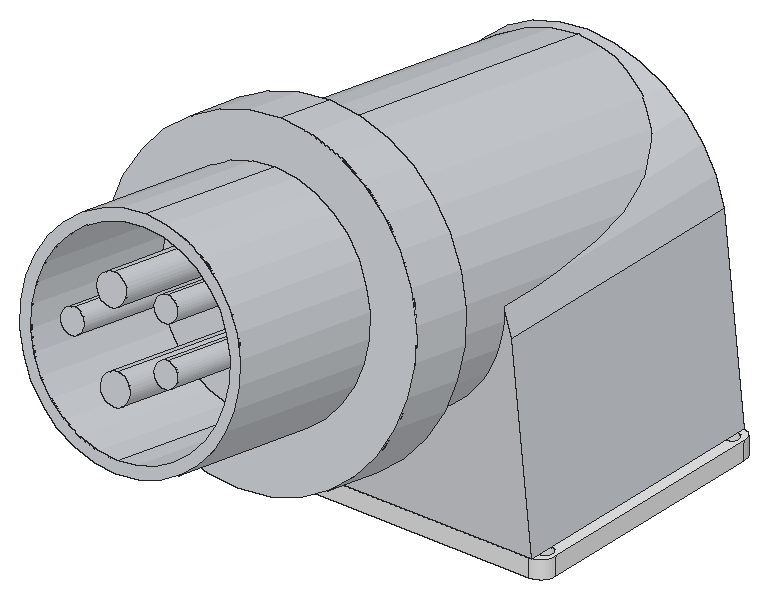
Revit family "Building-IEC309Connections-GEWISS-IEC309HP-90°_SURF_MOUNT_INLET_MANTLE_TERMINAL_63A_IP67", category Apparecchi elettrici, host Superficie, Revit 2019
Family settings
  Host = Superficie
  Mantenere orientamento annotazione = Sì
  Quota connettore circolare = Usa diametro
  Tipo di parte = Normale
  Taglio con vuoti quando caricato = No
  Condiviso = Sì
  Punto di calcolo locali = Sì
Parameters (values of type "GW61455 - IP67 90°APPL.INLET 3P+N+E 63A 500V 7H")
  simbolo acceso [instance] = yes
  distanza_simbolo [instance] = 1 mm
  distanza dal piano [instance] = 0 mm
  W = 115 mm  # constant formula
  Version file RFA = "21.11"
  URL = "https://www.gewiss.com/ww/en"
  Typology = "90° angled surface mounting inlet"
  Type of wiring = "Mantle terminal"
  Total number of operations = "-2000"
  Thermo-pressure with ball = "125 °C (active parts) - 80 °C (passive parts)"
  Terminal tightening capacity = "6-16mm² flexible cables - 6-25mm² rigid cables"
  Technical sheet = "https://www.gewiss.com/ww/en/search?q=GW61455"
  Spostamento_effettivo_S [instance] = 4000 mm - Spostamento_S  # 3057.5 mm
  Spostamento_S = 942.5 mm
  Shock resistance = "IK08"
  SPinotto = Default(2)
  SEO = "Inlet"
  Reference h = "7"
  Realized by GEWISS S.p.A. = ""
  Rated voltage = "480-500V"
  Rated current (A) = "63"
  Default Elevation = 1219.2 mm
  Produttore = "GEWISS S.p.A."
  Piastra = Default(2)
  Operating temperature: = "-25 +55 °C"
  No. of poles = "3P+N+E"
  Model = "GW61455"
  L = 155 mm  # constant formula
  Insulation resistance = "- 10 M?"
  Immagine tipo = (empty or 0)
  IP degree = "IP67"
  IDT = "82a7ef3b10a7427b96b9453f1507b938"
  IDF = "ee13cfcc-1e04-4df4-9438-550cea257c5c"
  Glow wire test: = "850 °C (active parts) - 650 °C (passive parts)"
  Frequency = "50/60 Hz"
  FORMULA = 1000 mm * 1  # 1000 mm
  Electrocod = "2231"
  Description = "IP67 90°APPL.INLET 3P+N+E 63A 500V 7H"
  Corpo centrale = Default(2)
  Colour: = "Black"
  Catalogue = "BUILDING"
  COBie.Tagnumber = ""
  COBie.CreatedOn = ""
  COBie.CreatebBy = ""
  COBie.ComponentRegisterItemID = ""
  COBie.Component.TagNumber = ""
  COBie.Component.Space = ""
  COBie.Component.SerialNumber = ""
  COBie.Component.InstallationDate = ""
  COBie.Component.Description = ""
  COBie.Component.BarCode = ""
  Breaking capacity at 1.1 Un = "79A"
  BLOCCO = "B=C"
Types (11, lengths in mm): name | Technical sheet | Reference h | Rated voltage | No. of poles | Model | IDT | Description | Colour:
  GW61445 - IP67 90°APPL.INLET 2P+E 63A 110V 4H | "https://www.gewiss.com/ww/en/search?q=GW61445" | "4" | "100-130V" | "2P+E" | "GW61445" | "a32419d427d74ea59914987959486f33" | "IP67 90°APPL.INLET 2P+E 63A 110V 4H" | "Yellow"
  GW61446 - IP67 90°APPL.INLET 3P+E 63A 110V 4H | "https://www.gewiss.com/ww/en/search?q=GW61446" | "4" | "100-130V" | "3P+E" | "GW61446" | "0e70241245704f0faf1d840d513a218f" | "IP67 90°APPL.INLET 3P+E 63A 110V 4H" | "Yellow"
  GW61447 - IP67 90°APPL.INLET 3P+N+E 63A 110V 4H | "https://www.gewiss.com/ww/en/search?q=GW61447" | "4" | "100-130V" | "3P+N+E" | "GW61447" | "fe109d717f164e58bbf2dbfa58eb0c37" | "IP67 90°APPL.INLET 3P+N+E 63A 110V 4H" | "Yellow"
  GW61448 - IP67 90°APPL.INLET 2P+E 63A 230V 6H | "https://www.gewiss.com/ww/en/search?q=GW61448" | "6" | "200-250V" | "2P+E" | "GW61448" | "ec7513ade6b14add9aaa22802ebe7912" | "IP67 90°APPL.INLET 2P+E 63A 230V 6H" | "Blue"
  GW61449 - IP67 90°APPL.INLET 3P+E 63A 230V 9H | "https://www.gewiss.com/ww/en/search?q=GW61449" | "9" | "200-250V" | "3P+E" | "GW61449" | "1bb27abc26304ebcab362531026dcb99" | "IP67 90°APPL.INLET 3P+E 63A 230V 9H" | "Blue"
  GW61450 - IP67 90°APPL.INLET 3P+N+E 63A 230V 9H | "https://www.gewiss.com/ww/en/search?q=GW61450" | "9" | "200-250V" | "3P+N+E" | "GW61450" | "85766c2eda3c488890f4e38cea2844cf" | "IP67 90°APPL.INLET 3P+N+E 63A 230V 9H" | "Blue"
  GW61451 - IP67 90°APPL.INLET 2P+E 63A 400V 9H | "https://www.gewiss.com/ww/en/search?q=GW61451" | "9" | "380-415V" | "2P+E" | "GW61451" | "b63088d1a14b4084b5365b728a9d6180" | "IP67 90°APPL.INLET 2P+E 63A 400V 9H" | "Red"
  GW61452 - IP67 90°APPL.INLET 3P+E 63A 400V 6H | "https://www.gewiss.com/ww/en/search?q=GW61452" | "6" | "380-415V" | "3P+E" | "GW61452" | "b016deb701214e3985ad608285c310c7" | "IP67 90°APPL.INLET 3P+E 63A 400V 6H" | "Red"
  GW61453 - IP67 90°APPL.INLET 3P+N+E 63A 400V 6H | "https://www.gewiss.com/ww/en/search?q=GW61453" | "6" | "380-415V" | "3P+N+E" | "GW61453" | "8f4b8114e79e49cfb710c66f71080669" | "IP67 90°APPL.INLET 3P+N+E 63A 400V 6H" | "Red"
  GW61454 - IP67 90°APPL.INLET 3P+E 63A 500V 7H | "https://www.gewiss.com/ww/en/search?q=GW61454" | "7" | "480-500V" | "3P+E" | "GW61454" | "105eb81afd3a44a6a8c106b9b659b229" | "IP67 90°APPL.INLET 3P+E 63A 500V 7H" | "Black"
  GW61455 - IP67 90°APPL.INLET 3P+N+E 63A 500V 7H | "https://www.gewiss.com/ww/en/search?q=GW61455" | "7" | "480-500V" | "3P+N+E" | "GW61455" | "82a7ef3b10a7427b96b9453f1507b938" | "IP67 90°APPL.INLET 3P+N+E 63A 500V 7H" | "Black"
Reference planes
  plane 1 "Centro (Fronte/Retro)": y = 0
  plane 2: z = 0
  plane 3 "Centro (Sinistra/Destra)": x = 0
  plane 4: x = -3000
  plane 5: x = 57.5
  plane 6: z = 0
Dimensions and locks
  plane 4 to plane 3 "Centro (Sinistra/Destra)" = 3000 mm
  "Spostamento_effettivo_S": plane 4 to plane 5
  "distanza dal piano": plane 6 to plane 2
  aligned and locked: plane 2 to host face
  aligned and locked: level to host face
  aligned and locked: plane 3 "Centro (Sinistra/Destra)" to nested 1
  aligned and locked: plane 1 "Centro (Fronte/Retro)" to nested 1
  aligned and locked: nested 2 to plane 5
Automatic sketch dimensions
  host sketch curve to host sketch curve = 2438.4 mm  (x2)
Nested families
  nested 1: "IEC309 SPINE FISSE PARETE 90° 63A IP67_base" at (0, 0, 0), type "IEC309 SPINE FISSE PARETE 90° 63A IP67_base"
  nested 2: "simbolo_circuito_GW60201" at (57.5, 171.559, 0), visible <- "simbolo acceso", Distanza dal muro <- "distanza_simbolo", type "3P"
    with SIMBOLO ACCESO yes, Distanza dal muro 1 mm
Connectors
  electrical at (37.5, 30, 0)
    settings: on nested 1, index 1, voltage 0 V, apparent load 0 VA, apparent load phase1 0 VA, apparent load phase2 0 VA, apparent load phase3 0 VA, power factor 1, load classification "Altro", number of poles 1, system type 31, power factor state 1, is connector primary yes, connector utility no, sub classification motor no, connector description ""
Definition of nested family "IEC309 SPINE FISSE PARETE 90° 63A IP67_base"
  Parameters (values of type "IEC309 SPINE FISSE PARETE 90° 63A IP67_base")
    sp_ghiera = 16 mm
    h = 90 mm
    dis_base = 71 mm
    Spinotto = none
    PIASTRA = none
    Lunghezza totale = 140 mm
    CENTRALE = none
    Bsae = 115 mm
  Reference planes
    plane 1 "Centro (Fronte/Retro)": y = 0
    plane 2: z = 0
    plane 3 "Centro (Sinistra/Destra)": x = 0
    plane 4 "EEE": through (4267.2, -291.041, 143.375) normal (0, -0.788, -0.6157)
    plane 5: x = 48
    plane 6: x = 115
    plane 7: y = 90
    plane 8: z = 6
    plane 9: y = 84.607
    plane 10: y = 5.392
    plane 11: x = 57.5
    plane 12: y = 45
    plane 13: through (4267.2, -43.825, 42.63) normal (0, 0.1727, 0.985)
    plane 14: x = 4.026
    plane 15: x = 110.974
    plane 16: z = 108.719
    plane 17 "zx": through (4267.2, -97.102, 134.757) normal (0, 0.1727, 0.985)
  Forms (mm)
    Extrusion 1, solid, material <- "PIASTRA"
      sketch origin (0, 0, 0) x (1, 0, 0) y (0, 1, 0)
        loop
          arc (5, 90) -> (1.464, 88.536) -> (0, 85) r 5
          line (0, 85) -> (0, 5)
          arc (0, 5) -> (1.464, 1.464) -> (5, 0) r 5
          line (5, 0) -> (110, 0)
          arc (110, 0) -> (113.536, 1.464) -> (115, 5) r 5
          line (115, 5) -> (115, 85)
          arc (115, 85) -> (113.536, 88.536) -> (110, 90) r 5
          line (110, 90) -> (5, 90)
      from 0 to 6
    Extrusion 2, void
      sketch origin (0, 0, 0) x (1, 0, 0) y (0, 1, 0)
        loop
          circle (4.026, 84.607) r 2.665
        loop
          circle (110.974, 84.607) r 2.602
        loop
          circle (110.974, 5.392) r 2.692
        loop
          circle (4.026, 5.392) r 2.603
      from 0 to 6
    Extrusion 3, solid
      sketch origin (0, 0, 0) x (1, 0, 0) y (0, 0, 1)
        loop
          line (4.026, 6) -> (110.974, 6) -> (104.18, 70.644)
          arc (104.18, 70.644) -> (57.5, 108.788) -> (10.82, 70.644) r 47.635
          line (10.82, 70.644) -> (4.026, 6)
      from -90 to 0
    Sweep 4, solid
      path origin (0, 0, 3.75) x (0, 1, 0) y (0, 0, 1)
        loop
          line (-28.85, 80.621) -> (79.498, 61.629)
      profile origin (0, 25.324, 74.875) x (0, 0.17265, 0.984983) y (1, 0, 0)
        loop
          circle (0, 57.5) r 44
    Sweep 5, solid
      path origin (0, 0, 0) x (0, 1, 0) y (0, 0, 1)
        loop
          line (-103.524, 98.116) -> (-48.98, 88.555)
      profile origin (0, -76.252, 93.336) x (0, 0.17265, 0.984983) y (1, 0, 0)
        loop
          circle (0, 57.5) r 37.2
        loop
          circle (0, 57.5) r 33.569
    Sweep 6, solid
      path origin (57.5, 0, -2.008) x (0, 1, 0) y (0, 0, 1)
        loop
          line (-48.98, 88.555) -> (-28.101, 84.896)
      profile origin (57.5, -38.54, 84.718) x (0, 0.17265, 0.984983) y (1, 0, 0)
        loop
          circle (0, 0) r 53
    Sweep 7, solid
      path origin (0, 0, -2.5) x (0, 1, 0) y (0, 0, 1)
        loop
          line (-103.677, 85.088) -> (-51.57, 75.955)
      profile origin (0, -77.624, 78.022) x (0, 0.17265, 0.984983) y (1, 0, 0)
        loop
          circle (0, 52.5) r 5
    Sweep 8, solid
      path origin (37.943, 0, 13.118) x (0, 1, 0) y (0, 0, -1)
        loop
          line (-103.677, -85.088) -> (-51.57, -75.955)
      profile origin (37.943, -77.624, 93.639) x (0, -0.17265, -0.984983) y (-1, 0, 0)
        loop
          circle (0, 0) r 4
    Sweep 9, solid
      path origin (0, 0, 27.5) x (0, 1, 0) y (0, 0, 1)
        loop
          line (-103.677, 85.088) -> (-51.57, 75.955)
      profile origin (0, -77.624, 108.022) x (0, 0.17265, 0.984983) y (1, 0, 0)
        loop
          circle (0, 51.25) r 5
    Sweep 10, solid
      path origin (69.664, 0, 27.909) x (0, 1, 0) y (0, 0, -1)
        loop
          line (-103.677, -85.088) -> (-51.57, -75.955)
      profile origin (69.664, -77.624, 108.431) x (0, -0.17265, -0.984983) y (-1, 0, 0)
        loop
          circle (0, 0) r 4
    Sweep 11, solid
      path origin (69.664, 0, 7.909) x (0, 1, 0) y (0, 0, -1)
        loop
          line (-103.677, -85.088) -> (-51.57, -75.955)
      profile origin (69.664, -77.624, 88.431) x (0, -0.17265, -0.984983) y (-1, 0, 0)
        loop
          circle (0, 0) r 4
  Cuts and joins
    Extrusion 2 cuts Extrusion 1
    joined: Extrusion 3, Sweep 4
    joined: Sweep 5, Sweep 6
  Lines and regions (mm)
    symbolic lines
      curve 1: line (305.256, 350.85, 0) -> (317.43, 350.85, 0)
      curve 2: line (0, -27.731, 87.005) -> (0, 10.147, 80.366)
  Dimensions and locks
    "Bsae": plane 3 "Centro (Sinistra/Destra)" to plane 6
    "h": plane 1 "Centro (Fronte/Retro)" to plane 7
    plane 8 to level = 6 mm
    locked: plane 1 "Centro (Fronte/Retro)" to plane 10 at 5.392
    equal spacing: plane 3 "Centro (Sinistra/Destra)", plane 11, plane 6
    locked: plane 7 to plane 9 at 5.393
    equal spacing: plane 1 "Centro (Fronte/Retro)", plane 12, plane 7
    locked: plane 8 to plane 2 at 6
    locked: plane 3 "Centro (Sinistra/Destra)" to plane 14 at 4.026
    locked: plane 15 to plane 6 at 4.026
    radius of Extrusion 1 sketch curve = 5 mm  (x4)
    aligned and locked: level to plane 2
    aligned and locked: Extrusion 1 to level
    aligned and locked: plane 8 to Extrusion 1
    aligned and locked: Extrusion 2 to level
    aligned and locked: plane 8 to Extrusion 2
    aligned and locked: plane 14 to Extrusion 2 sketch curve  (x2)
    aligned and locked: Extrusion 2 sketch curve to plane 15
    aligned and locked: plane 15 to Extrusion 2 sketch curve
    aligned and locked: plane 7 to Extrusion 3
  Automatic sketch dimensions
    plane 1 "Centro (Fronte/Retro)" to curve 2 = 27.731 mm
    plane 10 to curve 2 = 4.755 mm
    plane 16 to curve 2 = 28.353 mm
    plane 16 to curve 2 = 21.714 mm
    curve 1 to plane 6 = 190.256 mm
    plane 7 to curve 1 = 260.85 mm
    curve 1 to curve 1 = 12.174 mm
    Extrusion 1 sketch curve to plane 3 "Centro (Sinistra/Destra)" = 0 mm
    Extrusion 1 sketch curve to plane 7 = 0 mm
    plane 1 "Centro (Fronte/Retro)" to Extrusion 1 sketch curve = 0 mm
    Extrusion 1 sketch curve to plane 6 = 0 mm
    plane 10 to Extrusion 2 sketch curve = 0 mm
    Extrusion 2 sketch curve to plane 10 = 0 mm
    plane 9 to Extrusion 2 sketch curve = 0 mm
    Extrusion 2 sketch curve to plane 9 = 0 mm
    Extrusion 3 sketch curve to plane 8 = 0 mm
    Extrusion 3 sketch curve to plane 14 = 0 mm
    Extrusion 3 sketch curve to plane 11 = 0 mm
    plane 15 to Extrusion 3 sketch curve = 0 mm
    plane 14 to Extrusion 3 sketch curve = 6.794 mm
    plane 15 to Extrusion 3 sketch curve = 6.794 mm
    plane 16 to Extrusion 3 sketch curve = 47.565 mm
    plane 16 to Extrusion 3 sketch curve = 38.075 mm
    plane 1 "Centro (Fronte/Retro)" to Sweep 4 sketch curve = 28.85 mm
    Sweep 4 sketch curve to plane 9 = 5.109 mm
    plane 16 to Sweep 4 sketch curve = 43.339 mm
    plane 16 to Sweep 4 sketch curve = 24.348 mm
    Sweep 4 sketch curve to profile plane = 0 mm
    plane 3 "Centro (Sinistra/Destra)" to Sweep 4 sketch curve = 57.5 mm
    plane 16 to Sweep 5 sketch curve = 10.603 mm
    plane 1 "Centro (Fronte/Retro)" to Sweep 5 sketch curve = 103.524 mm
    plane 16 to Sweep 5 sketch curve = 20.163 mm
    plane 1 "Centro (Fronte/Retro)" to Sweep 5 sketch curve = 48.98 mm
    Sweep 5 sketch curve to Sweep 5 sketch curve = 0 mm  (x2)
    Sweep 5 sketch curve to profile plane = 0 mm
    plane 3 "Centro (Sinistra/Destra)" to Sweep 5 sketch curve = 57.5 mm
    plane 16 to Sweep 6 sketch curve = 22.171 mm
    plane 1 "Centro (Fronte/Retro)" to Sweep 6 sketch curve = 48.98 mm
    Sweep 6 sketch curve to Sweep 6 sketch curve = 20.879 mm
    Sweep 6 sketch curve to Sweep 6 sketch curve = 3.66 mm
    Sweep 6 sketch curve to profile plane = 0 mm  (x2)
    plane 16 to Sweep 7 sketch curve = 26.13 mm
    plane 1 "Centro (Fronte/Retro)" to Sweep 7 sketch curve = 103.677 mm
    plane 1 "Centro (Fronte/Retro)" to Sweep 7 sketch curve = 51.57 mm
    plane 16 to Sweep 7 sketch curve = 35.264 mm
    Sweep 7 sketch curve to profile plane = 0 mm
    plane 3 "Centro (Sinistra/Destra)" to Sweep 7 sketch curve = 52.5 mm
    plane 16 to Sweep 8 sketch curve = 10.513 mm
    plane 1 "Centro (Fronte/Retro)" to Sweep 8 sketch curve = 103.677 mm
    plane 16 to Sweep 8 sketch curve = 19.646 mm
    plane 1 "Centro (Fronte/Retro)" to Sweep 8 sketch curve = 51.57 mm
    profile plane to Sweep 8 sketch curve = 0 mm
    Sweep 8 sketch curve to profile plane = 0 mm
    Sweep 9 sketch curve to plane 16 = 3.87 mm
    plane 1 "Centro (Fronte/Retro)" to Sweep 9 sketch curve = 103.677 mm
    plane 16 to Sweep 9 sketch curve = 5.264 mm
    plane 1 "Centro (Fronte/Retro)" to Sweep 9 sketch curve = 51.57 mm
    Sweep 9 sketch curve to profile plane = 0 mm
    plane 3 "Centro (Sinistra/Destra)" to Sweep 9 sketch curve = 51.25 mm
    Sweep 10 sketch curve to plane 16 = 4.279 mm
    plane 1 "Centro (Fronte/Retro)" to Sweep 10 sketch curve = 103.677 mm
    plane 16 to Sweep 10 sketch curve = 4.855 mm
    plane 1 "Centro (Fronte/Retro)" to Sweep 10 sketch curve = 51.57 mm
    profile plane to Sweep 10 sketch curve = 0 mm
    Sweep 10 sketch curve to profile plane = 0 mm
    plane 16 to Sweep 11 sketch curve = 15.721 mm
    plane 1 "Centro (Fronte/Retro)" to Sweep 11 sketch curve = 103.677 mm
    plane 16 to Sweep 11 sketch curve = 24.855 mm
    plane 1 "Centro (Fronte/Retro)" to Sweep 11 sketch curve = 51.57 mm
    profile plane to Sweep 11 sketch curve = 0 mm
    Sweep 11 sketch curve to profile plane = 0 mm
    radius of Extrusion 2 sketch curve = 2.665 mm
    radius of Extrusion 2 sketch curve = 2.602 mm
    radius of Extrusion 2 sketch curve = 2.692 mm
    radius of Extrusion 2 sketch curve = 2.603 mm
    radius of Sweep 4 sketch curve = 44 mm
    radius of Sweep 5 sketch curve = 37.2 mm
    radius of Sweep 5 sketch curve = 33.569 mm
    radius of Sweep 6 sketch curve = 53 mm
    radius of Sweep 7 sketch curve = 5 mm
    radius of Sweep 8 sketch curve = 4 mm
    radius of Sweep 9 sketch curve = 5 mm
    radius of Sweep 10 sketch curve = 4 mm
    radius of Sweep 11 sketch curve = 4 mm
Definition of nested family "simbolo_circuito_GW60201"
  Parameters (values of type "3P")
    SIMBOLO ACCESO [instance] = yes
    Distanza dal muro [instance] = 0 mm
  Reference planes
    plane 1: y = 0
    plane 2: x = 0
  Dimensions and locks
    "Distanza dal muro": plane 1 to nested 1
    aligned and locked: plane 2 to nested 1
  Nested families
    nested 1: "simbolo_circuito_GW60201_base" at (0, 0, 0), visible <- "SIMBOLO ACCESO", type "3P"
      with CORNICE SIMBOLO yes
  Definition of nested family "simbolo_circuito_GW60201_base"
    Parameters (values of type "3P")
      CORNICE SIMBOLO [instance] = yes
      3P = yes
    Types (2, lengths in mm): name | 3P
      3P | yes
      2P | no
    Reference planes
      plane 1: y = 0
      plane 2: x = 0
    Lines and regions (mm)
      detail lines
        curve 1: arc (0.298, 0.46, 0) -> (0, 0.758, 0) -> (-0.298, 0.46, 0) r 0.298
        curve 2: arc (0.139, 0.652, 0) -> (0, 0.731, 0) -> (-0.139, 0.652, 0) r 0.163
        curve 3: arc (-0.139, 0.106, 0) -> (0, 0.027, 0) -> (0.139, 0.106, 0) r 0.163
        curve 4: circle (0, 2.381, 0) r 0.05 normal (0, 0, 1)
        curve 5: line (0, 3.386, 0) -> (0, 0.758, 0)
        curve 6: line (-0.139, 0.652, 0) -> (-0.139, 0.106, 0)
        curve 7: line (0.139, 0.652, 0) -> (0.139, 0.106, 0)
      detail lines, not visible
        curve 8: arc (2.679, 0.46, 0) -> (2.381, 0.758, 0) -> (2.083, 0.46, 0) r 0.298
        curve 9: arc (2.52, 0.652, 0) -> (2.381, 0.731, 0) -> (2.241, 0.652, 0) r 0.163
        curve 10: arc (2.241, 0.106, 0) -> (2.381, 0.027, 0) -> (2.52, 0.106, 0) r 0.163
        curve 11: circle (2.381, 2.381, 0) r 0.05 normal (0, 0, 1)
        curve 12: line (2.381, 3.386, 0) -> (2.381, 0.758, 0)
        curve 13: line (2.241, 0.652, 0) -> (2.241, 0.106, 0)
        curve 14: line (2.52, 0.652, 0) -> (2.52, 0.106, 0)
